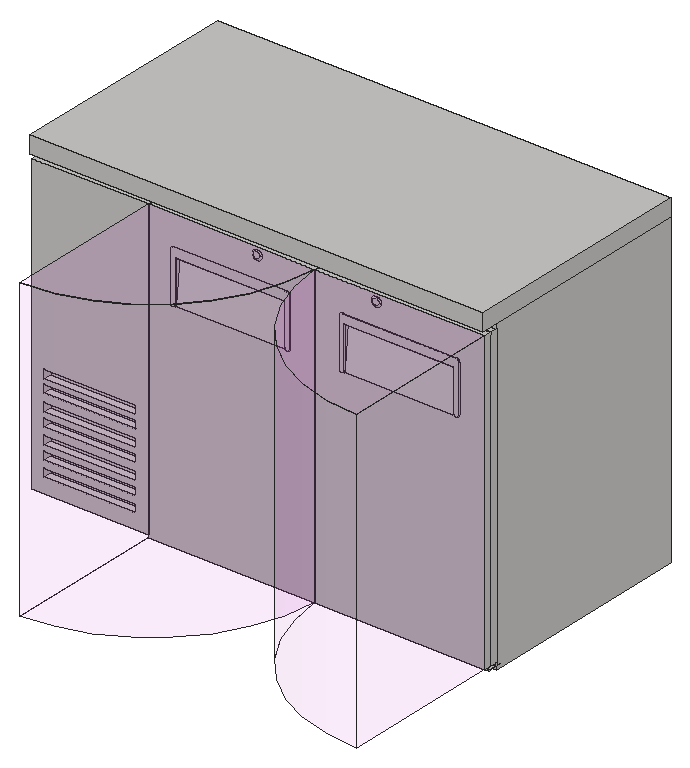
Revit family "QF_True_TBB24-48-2S-ZI-SFT-S-1_ Solid_Swing_Door_Back_Bar", category Specialty Equipment, Revit 2021
Family settings
  Round Connector Dimension = Use Diameter
  Part Type = Normal
  Work Plane-Based = No
  Always vertical = Yes
  Cut with Voids When Loaded = No
  Shared = No
  Room Calculation Point = No
Parameters
  Weight in Pounds = 290
  Watts = Volts * FL Amps  # 207 W
  Volts = 115 V
  URL Cutsheet = ""
  Specification by User = ""
  Specification by Manufacturer = ""
  Show Seismic Flanged [instance] = no
  Show Default [instance] = if(or([Show 2" Casters], [Show 3" Casters]), or(or([Show 4" Casters], [Show 5" Casters], [Show 6" Legs]), and([Show 2" Casters], [Show 3" Casters]), and([Show 3" Casters], Show Seismic Flanged)), if(or([Show 4" Casters], [Show 5" Casters]), or(or([Show 6" Legs], Show Seismic Flanged), and([Show 4" Casters], [Show 5" Casters])), if([Show 6" Legs], Show Seismic Flanged, not(Show Seismic Flanged))))  # yes
  Show 6" Legs [instance] = no
  Show 5" Casters [instance] = no
  Show 4" Casters [instance] = no
  Show 3" Casters [instance] = no
  Show 2" Casters [instance] = no
  Serial Number = ""
  Seismic Rating = ""
  SMACNA No = ""
  Revision Code = ""
  Phase = 1
  Number of Poles = 1
  NAFEM Spec ID Number = ""
  Model = "TBB24-48-2S-Z1-SFT-S-1"
  Min Ckt Ampacity = 0 A
  Max Overcurrent Protection = 0 A
  Masterspec = ""
  Manufacturer = "True"
  Length = 48 1/32"
  Item Number = ""
  Installed By = ""
  Identify Quantity as Lot = yes
  Height [instance] = Base Height + Body Height + Counter Top Height  # 34 23/32"
  HP = "1/5"
  Furnished By = ""
  Foodservice Equipment Identifier = yes
  FL Amps = 1.8 A
  Electrical Remarks = ""
  Electric Connection Type = ""
  Elec Conn RI Height = 0"
  Elec Conn Connection Height = 0"
  Door Finish [instance] = QF_Metal_Stainless_Polished
  Description = "Solid Swing Door Back Bar 24\" Depth Single Zone Cooler with Black Sub Top and Black Exterior"
  Depth = 24 7/8"
  Default Elevation = 0"
  Cycle = 60 Hz
  Counter Top Height = 2 11/32"
  Counter Finish [instance] = QF_Metal_Stainless_Polished
  Conn Plug = "NEMA 5-15P"
  Conn Conduit = yes
  CSI MasterFormat = ""
  Body Height [instance] = 31 11/16"
  Body Finish [instance] = QF_Metal_Stainless_Polished
  Base Height [instance] = if(Show Default, 11/16", if([Show 2" Casters], 2", if([Show 3" Casters], 3", if([Show 4" Casters], 4", if([Show 5" Casters], 5", if([Show 6" Legs], 6", if(Show Seismic Flanged, 6", 0")))))))  # 11/16"
  Apparent Power = 0 VA
Reference planes (in)
  plane 1 "BACK": y = 0
  plane 2: z = 0
  plane 3 "LEFT": x = 0
  plane 4 "RIGHT": x = 48.03125
  plane 5 "FRONT": y = -24.875
  plane 6 "TOP": z = 34.71875
  plane 7 "Center Y": x = 24.01563
  plane 8 "Center X": y = -12.4375
  plane 9: z = 0
  plane 10: z = 0.6875
  plane 11: z = 32.375
  plane 12: z = 34.71875
Dimensions and locks (in)
  equal spacing: plane 3 "LEFT", plane 7 "Center Y", plane 4 "RIGHT"
  "Length": plane 3 "LEFT" to plane 4 "RIGHT"
  equal spacing: plane 5 "FRONT", plane 8 "Center X", plane 1 "BACK"
  "Depth": plane 5 "FRONT" to plane 1 "BACK"
  "Height": plane 6 "TOP" to level
  "Base Height": plane 10 to plane 2
  "Body Height": plane 11 to plane 10
  "Counter Top Height": plane 12 to plane 11
  aligned and locked: level to plane 2
  aligned and locked: nested 1 to plane 10
Nested families (in)
  nested 1: "TBB24-48-2S-Z1-BST-B-1" at (0, 0, 0), Body Finish <- "Body Finish", Counter Top Finishes <- "Counter Finish", Door Finish <- "Door Finish", type "TBB24-48-2S-Z1-BST-B-1"
    with Show Door Clearance yes, Door Finish QF_Metal_Stainless_Polished, Counter Top Finishes QF_Metal_Stainless_Polished, Body Finish QF_Metal_Stainless_Polished
  nested 2: "Family3" at (4.01562, -21.04292, 0), Show 2" Casters <- "Show 2" Casters", Show 3" Casters <- "Show 3" Casters", Show 4" Casters <- "Show 4" Casters", Show 5" Casters <- "Show 5" Casters", Show 6" Legs <- "Show 6" Legs", Show Seismic Flanged <- "Show Seismic Flanged", type "Family3"
    with Show Seismic Flanged no, Show 6" Legs no, Show 5" Casters no, Show 4" Casters no, Show 3" Casters no, Show 2" Casters no
  nested 3: "Family3" at (44.26562, -21.04292, 0), Show 2" Casters <- "Show 2" Casters", Show 3" Casters <- "Show 3" Casters", Show 4" Casters <- "Show 4" Casters", Show 5" Casters <- "Show 5" Casters", Show 6" Legs <- "Show 6" Legs", Show Seismic Flanged <- "Show Seismic Flanged", type "Family3"
    with Show Seismic Flanged no, Show 6" Legs no, Show 5" Casters no, Show 4" Casters no, Show 3" Casters no, Show 2" Casters no
  nested 4: "Family3" at (4.01562, -3.79292, 0), Show 2" Casters <- "Show 2" Casters", Show 3" Casters <- "Show 3" Casters", Show 4" Casters <- "Show 4" Casters", Show 5" Casters <- "Show 5" Casters", Show 6" Legs <- "Show 6" Legs", Show Seismic Flanged <- "Show Seismic Flanged", type "Family3"
    with Show Seismic Flanged no, Show 6" Legs no, Show 5" Casters no, Show 4" Casters no, Show 3" Casters no, Show 2" Casters no
  nested 5: "Family3" at (44.26562, -3.79292, 0), Show 2" Casters <- "Show 2" Casters", Show 3" Casters <- "Show 3" Casters", Show 4" Casters <- "Show 4" Casters", Show 5" Casters <- "Show 5" Casters", Show 6" Legs <- "Show 6" Legs", Show Seismic Flanged <- "Show Seismic Flanged", type "Family3"
    with Show Seismic Flanged no, Show 6" Legs no, Show 5" Casters no, Show 4" Casters no, Show 3" Casters no, Show 2" Casters no
Connectors (in)
  electrical at (5.92159, 0.23047, 18.36709)
    settings: on nested 1, index 1, voltage 0 V, apparent load 0 VA, apparent load phase1 0 VA, apparent load phase2 0 VA, apparent load phase3 0 VA, power factor 1, load classification "Other", number of poles 1, system type 31, power factor state 1, is connector primary yes, connector utility no, sub classification motor no, connector description ""
Definition of nested family "TBB24-48-2S-Z1-BST-B-1"
  Parameters (values of type "TBB24-48-2S-Z1-BST-B-1")
    Weight in Pounds = 0
    URL Cutsheet = ""
    Specification by User = ""
    Specification by Manufacturer = ""
    Show Door Clearance [instance] = yes
    Serial Number = ""
    Seismic Rating = ""
    SMACNA No = ""
    Revision Code = ""
    NAFEM Spec ID Number = ""
    Masterspec = ""
    Length = 48 1/32"
    Item Number = ""
    Installed By = ""
    Identify Quantity as Lot = yes
    Height = 34 23/32"
    Furnished By = ""
    Foodservice Equipment Identifier = yes
    Door Finish [instance] = none
    Depth = 24 7/8"
    Default Elevation = 0"
    Counter Top Finishes [instance] = none
    CSI MasterFormat = ""
    Body Finish [instance] = none
  Reference planes (in)
    plane 1 "BACK": y = 0
    plane 2: z = 0
    plane 3 "LEFT": x = 0
    plane 4 "RIGHT": x = 48.03125
    plane 5 "FRONT": y = -24.875
    plane 6 "TOP": z = 34.71875
    plane 7 "Center Y": x = 24.01563
    plane 8 "Center X": y = -12.4375
    plane 9: y = -41.625
    plane 10: z = 0.6875
    plane 11: z = 32.9375
    plane 12: z = 2.0625
    plane 13: y = -21.41792
    plane 14: z = 0.33506
    plane 15: z = 23.55589
    plane 16: z = 32.375
  Forms (in)
    Extrusion 1, solid, material <- "Counter Top Finishes"
      sketch origin (0, 0, 0) x (1, 0, 0) y (0, 0, 1)
        loop
          line (0, 34.71875) -> (0, 32.9375) -> (48.03125, 32.9375) -> (48.03125, 34.71875) -> (0, 34.71875)
      from 0 to 24.875
    Extrusion 2, solid, material <- "Body Finish"
      sketch origin (0, 0, 0) x (0, 1, 0) y (0, 0, 1)
        loop
          line (0, 32.9375) -> (-23.09422, 32.9375) -> (-23.09422, 0) -> (0, 0) -> (0, 32.9375)
      from 0 to 48.03125
    Extrusion 3, solid, material <- "Door Finish"
      sketch origin (0, -23.09422, 35.99786) x (0, 0, 1) y (1, 0, 0)
        loop
          line (-3.62286, 12.35291) -> (-3.62286, 29.99891) -> (-35.31036, 29.99891) -> (-35.31036, 12.35291) -> (-3.62286, 12.35291)
        loop
          line (-4.22284, 13.79188) -> (-4.22284, 29.35291) -> (-33.93536, 29.35291) -> (-33.93536, 13.79188) -> (-4.22284, 13.79188)
      from 0 to -0.66955
    Extrusion 4, solid, material <- "Body Finish"
      sketch origin (0, -23.09422, 32.9375) x (0, 0, -1) y (1, 0, 0)
        loop
          line (0.5625, 0) -> (31.95758, 0) -> (31.95758, 12.35291) -> (0.5625, 12.35291) -> (0.5625, 0)
      from 0 to 1.50548
    Extrusion 5, void
      sketch origin (0, -24.5997, 32.9375) x (0, 0, 1) y (1, 0, 0)
        loop
          line (-20.06297, 1.27626) -> (-20.06297, 11.02626) -> (-21.06297, 11.02626) -> (-21.06297, 1.27626) -> (-20.06297, 1.27626)
        loop
          line (-21.51705, 1.27626) -> (-21.51705, 11.02626) -> (-22.34419, 11.02626) -> (-22.34419, 1.27626) -> (-21.51705, 1.27626)
        loop
          line (-23.18797, 1.27626) -> (-23.18797, 11.02626) -> (-24.18797, 11.02626) -> (-24.18797, 1.27626) -> (-23.18797, 1.27626)
        loop
          line (-24.76705, 1.27626) -> (-24.76705, 11.02626) -> (-25.59419, 11.02626) -> (-25.59419, 1.27626) -> (-24.76705, 1.27626)
        loop
          line (-26.31297, 1.27626) -> (-26.31297, 11.02626) -> (-27.31297, 11.02626) -> (-27.31297, 1.27626) -> (-26.31297, 1.27626)
        loop
          line (-27.89205, 1.27626) -> (-27.89205, 11.02626) -> (-28.71919, 11.02626) -> (-28.71919, 1.27626) -> (-27.89205, 1.27626)
        loop
          line (-29.51705, 1.27626) -> (-29.51705, 11.02626) -> (-30.34419, 11.02626) -> (-30.34419, 1.27626) -> (-29.51705, 1.27626)
      from 0 to 0.83594
    Extrusion 6, solid
      sketch origin (0, 0, 32.6875) x (0, 0, 1) y (1, 0, 0)
        loop
          arc (-12.59037, 11.27264) -> (-12.81004, 11.80298) -> (-13.34037, 12.02264) r 0.75
          line (-13.34037, 12.02264) -> (-31.375, 12.02264)
          arc (-31.375, 12.02264) -> (-31.90533, 11.80298) -> (-32.125, 11.27264) r 0.75
          line (-32.125, 11.27264) -> (-32.125, 0.75)
          arc (-32.125, 0.75) -> (-31.90533, 0.21967) -> (-31.375, 0) r 0.75
          line (-31.375, 0) -> (-13.34037, 0)
          arc (-13.34037, 0) -> (-12.81004, 0.21967) -> (-12.59037, 0.75) r 0.75
          line (-12.59037, 0.75) -> (-12.59037, 5.19897) -> (-12.14941, 5.19897)
          arc (-12.14941, 5.19897) -> (-11.39941, 5.94897) -> (-12.14941, 6.69897) r 0.75
          line (-12.14941, 6.69897) -> (-12.59037, 6.69897) -> (-12.59037, 11.27264)
      from 0 to 0.03125
    Extrusion 7, solid
      sketch origin (0, 0.03125, 32.6875) x (0, 0, 1) y (1, 0, 0)
        loop
          line (-11.64941, 5.94897) -> (-11.89941, 6.38198) -> (-12.39941, 6.38198) -> (-12.64941, 5.94897) -> (-12.39941, 5.51596) -> (-11.89941, 5.51596) -> (-11.64941, 5.94897)
      from 0 to 0.19922
    Extrusion 8, solid
      sketch origin (0, 0.03125, 32.6875) x (0, 0, 1) y (1, 0, 0)
        loop
          circle (-14.32041, 5.92159) r 0.5
      from 0 to 0.19922
    Blend 9, solid, material <- "Body Finish"
      base sketch origin (48.03125, -24.5997, 0.6875) x (-1, 0, 0) y (0, 0, 1)
        loop
          circle (24.15288, 30.93229) r 0.5
      top sketch origin (48.03125, -24.5997, 0.6875) x (-1, 0, 0) y (0, 0, 1)
        loop
          circle (24.15288, 30.93229) r 0.37406
      from 0 to -0.05551
    Blend 10, solid, material <- "Body Finish"
      base sketch origin (48.03125, -24.5997, 0.6875) x (-1, 0, 0) y (0, 0, 1)
        loop
          circle (11.50688, 30.93229) r 0.5
      top sketch origin (48.03125, -24.5997, 0.6875) x (-1, 0, 0) y (0, 0, 1)
        loop
          circle (11.50688, 30.93229) r 0.37406
      from 0 to -0.05551
    Extrusion 11, solid, material <- "Door Finish"
      sketch origin (59.99782, -23.09422, 35.99786) x (0, 0, 1) y (1, 0, 0)
        loop
          line (-3.62286, -11.96657) -> (-35.31036, -11.96657) -> (-35.31036, -29.99891) -> (-3.62286, -29.99891) -> (-3.62286, -11.96657)
        loop
          line (-4.22284, -13.79188) -> (-33.93536, -13.79188) -> (-33.93536, -29.35291) -> (-4.22284, -29.35291) -> (-4.22284, -13.79188)
      from 0 to -0.66955
    Extrusion 12, solid, material <- "Door Finish"
      sketch origin (59.99782, -23.09422, 35.99786) x (0, 0, 1) y (1, 0, 0)
        loop
          line (-3.62286, -11.96657) -> (-35.31036, -11.96657) -> (-35.31036, -29.99891) -> (-3.62286, -29.99891) -> (-3.62286, -11.96657)
      from -1.50548 to -0.66955
    Extrusion 13, solid, material <- "Door Finish"
      sketch origin (0, -23.09422, 35.99786) x (0, 0, 1) y (1, 0, 0)
        loop
          line (-3.62286, 12.35291) -> (-3.62286, 29.99891) -> (-35.31036, 29.99891) -> (-35.31036, 12.35291) -> (-3.62286, 12.35291)
      from -1.50548 to -0.66955
    Revolve 14, solid
      sketch origin (12.93501, -180, 0.6875) x (0, 0, -1) y (0, -1, 0)
        loop
          line (-31.6875, -156.24977) -> (-32.25, -156.24977) -> (-32.25, -156.74977) -> (-32.1201, -156.74977) -> (-32.1201, -156.49977) -> (-31.6875, -156.49977) -> (-31.6875, -156.24977)
        axis (-32.25, -156.24977) -> (-31.6875, -156.24977)
      angle from 0 to 360
    Extrusion 15, solid
      sketch origin (-1.61038, -180, 0.33506) x (-1, 0, 0) y (0, -1, 0)
        loop
          line (-49.64163, -157.37453) -> (-48.00793, -157.37453)
          arc (-48.00793, -157.37453) -> (-47.8908, -157.29627) -> (-47.91828, -157.1581) r 0.12678
          line (-47.91828, -157.1581) -> (-49.05173, -156.02465)
          arc (-49.05173, -156.02465) -> (-49.1223, -155.9775) -> (-49.20555, -155.96094) r 0.21754
          line (-49.20555, -155.96094) -> (-49.49505, -155.96094)
          arc (-49.49505, -155.96094) -> (-49.59869, -156.00387) -> (-49.64163, -156.10751) r 0.14658
          line (-49.64163, -156.10751) -> (-49.64163, -157.37453)
        loop
          line (-13.96329, -157.37453) -> (-13.96329, -156.10751)
          arc (-13.96329, -156.10751) -> (-14.00622, -156.00387) -> (-14.10986, -155.96094) r 0.14658
          line (-14.10986, -155.96094) -> (-14.39936, -155.96094)
          arc (-14.39936, -155.96094) -> (-14.48261, -155.9775) -> (-14.55318, -156.02465) r 0.21754
          line (-14.55318, -156.02465) -> (-15.68663, -157.1581)
          arc (-15.68663, -157.1581) -> (-15.71411, -157.29627) -> (-15.59698, -157.37453) r 0.12678
          line (-15.59698, -157.37453) -> (-13.96329, -157.37453)
      from 0 to 0.0625
    Extrusion 16, solid
      sketch origin (0, -23.09422, 32.9375) x (0, 0, -1) y (1, 0, 0)
        loop
          line (32.60244, 12.35291) -> (32.60244, 14.11339) -> (32.25, 14.11339) -> (32.25, 12.35291) -> (32.60244, 12.35291)
        loop
          line (32.60244, 48.03125) -> (32.25, 48.03125) -> (32.25, 46.27077) -> (32.60244, 46.27077) -> (32.60244, 48.03125)
      from 0 to 0.0625
    Revolve 17, solid
      sketch origin (47.59743, -180.11581, 0.39756) x (0, 0, 1) y (0, -1, 0)
        loop
          line (0.28994, -156.29571) -> (0, -156.29571) -> (0, -156.48985) -> (0.28994, -156.48985) -> (0.28994, -156.29571)
        axis (0.28994, -156.29571) -> (0, -156.29571)
      angle from 0 to 360
    Revolve 18, solid
      sketch origin (12.93501, -179.71907, 0.39756) x (0, 0, 1) y (0, 1, 0)
        loop
          line (0.28994, 156.29571) -> (0.28994, 156.48985) -> (0, 156.48985) -> (0, 156.29571) -> (0.28994, 156.29571)
        axis (0.28994, 156.29571) -> (0, 156.29571)
      angle from 0 to 360
    Revolve 19, solid
      sketch origin (47.18501, -180, 0.6875) x (0, 0, -1) y (0, -1, 0)
        loop
          line (-31.6875, -156.24977) -> (-32.25, -156.24977) -> (-32.25, -156.74977) -> (-32.1201, -156.74977) -> (-32.1201, -156.49977) -> (-31.6875, -156.49977) -> (-31.6875, -156.24977)
        axis (-32.25, -156.24977) -> (-31.6875, -156.24977)
      angle from 0 to 360
    Extrusion 20, solid, material <- "Door Finish"
      sketch origin (0, -24.5997, 35.99786) x (0, 0, -1) y (1, 0, 0)
        loop
          line (7.09769, 14.68366) -> (12.06253, 14.68366)
          arc (12.06253, 14.68366) -> (12.34198, 14.96311) -> (12.06253, 15.24256) r 0.27945
          line (12.06253, 15.24256) -> (8.02999, 15.24256)
          arc (8.02999, 15.24256) -> (7.76206, 15.35354) -> (7.65108, 15.62147) r 0.37891
          line (7.65108, 15.62147) -> (7.65108, 26.49585)
          arc (7.65108, 26.49585) -> (7.76206, 26.76377) -> (8.02999, 26.87475) r 0.37891
          line (8.02999, 26.87475) -> (12.09378, 26.87475)
          arc (12.09378, 26.87475) -> (12.34198, 27.12295) -> (12.09378, 27.37116) r 0.2482
          line (12.09378, 27.37116) -> (7.09696, 27.37116)
          arc (7.09696, 27.37116) -> (6.82955, 27.26039) -> (6.71878, 26.99298) r 0.37818
          line (6.71878, 26.99298) -> (6.71878, 15.06256)
          arc (6.71878, 15.06256) -> (6.82976, 14.79463) -> (7.09769, 14.68366) r 0.37891
        loop
          arc (7.09769, 45.31416) -> (6.82976, 45.20318) -> (6.71878, 44.93526) r 0.37891
          line (6.71878, 44.93526) -> (6.71878, 33.00484)
          arc (6.71878, 33.00484) -> (6.82955, 32.73743) -> (7.09696, 32.62666) r 0.37818
          line (7.09696, 32.62666) -> (12.09378, 32.62666)
          arc (12.09378, 32.62666) -> (12.34198, 32.87487) -> (12.09378, 33.12307) r 0.2482
          line (12.09378, 33.12307) -> (8.02999, 33.12307)
          arc (8.02999, 33.12307) -> (7.76206, 33.23405) -> (7.65108, 33.50197) r 0.37891
          line (7.65108, 33.50197) -> (7.65108, 44.37635)
          arc (7.65108, 44.37635) -> (7.76206, 44.64428) -> (8.02999, 44.75526) r 0.37891
          line (8.02999, 44.75526) -> (12.06253, 44.75526)
          arc (12.06253, 44.75526) -> (12.34198, 45.03471) -> (12.06253, 45.31416) r 0.27945
          line (12.06253, 45.31416) -> (7.09769, 45.31416)
      from 0 to 0.03125
    Extrusion 21, void
      sketch origin (15.24256, -24.5997, 27.96787) x (0, 0, 1) y (0, 1, 0)
        loop
          line (0.37891, -0.24253) -> (0.37891, 0.5) -> (-4.312, 0) -> (-4.312, -0.24253) -> (0.37891, -0.24253)
      from 0 to -11.63219
    Extrusion 22, void
      sketch origin (33.12307, -24.5997, 27.96787) x (0, 0, 1) y (0, 1, 0)
        loop
          line (0.37891, -0.24253) -> (0.37891, 0.5) -> (-4.312, 0) -> (-4.312, -0.24253) -> (0.37891, -0.24253)
      from 0 to -11.63219
    Extrusion 23, solid, visible <- "Show Door Clearance"
      sketch origin (30.39491, -23.09422, 0.6875) x (0, -1, 0) y (-1, 0, 0)
        loop
          line (1.50548, -17.63634) -> (18.53489, -17.63634)
          arc (18.53489, -17.63634) -> (13.6127, -5.22747) -> (1.50548, 0.396) r 18.03244
          line (1.50548, 0.396) -> (1.50548, -17.63634)
      from 0 to -31.6875
    Extrusion 24, solid, visible <- "Show Door Clearance"
      sketch origin (30.39491, -23.09422, 0.6875) x (0, -1, 0) y (-1, 0, 0)
        loop
          line (1.50548, 18.042) -> (1.50548, 0.396)
          arc (1.50548, 0.396) -> (13.48708, 5.87578) -> (18.54373, 18.042) r 18.03276
          line (18.54373, 18.042) -> (1.50548, 18.042)
      from 0 to -31.6875
  Cuts and joins
    Extrusion 5 cuts Extrusion 2
    Extrusion 5, Extrusion 21 cuts Extrusion 4
    joined: Extrusion 15, Extrusion 16
    Extrusion 21, Extrusion 22 cuts Extrusion 13
    Extrusion 21, Extrusion 22 cuts Extrusion 20
    Extrusion 21, Extrusion 22 cuts Extrusion 12
    Extrusion 21 cuts Extrusion 11
  Lines and regions (in)
    Split face 1
      outline origin (0, 0.03125, 32.6875) x (0, 0, 1) y (1, 0, 0)
        loop
          line (-15.04167, 10.7061) -> (-29.59231, 10.7061) -> (-29.59231, 0.9561) -> (-15.04167, 0.9561) -> (-15.04167, 10.7061)
    Split face 2
      outline origin (48.03125, 0, 0) x (-1, 0, 0) y (0, 0, 1)
        loop
          line (36.03125, 32.9375) -> (36.03125, 0)
        loop
          line (33.65625, 0) -> (33.65625, 32.9375)
        loop
          line (2.75, 32.9375) -> (2.75, 0)
    Split face 3
      outline origin (0, -24.5997, 32.375) x (-1, 0, 0) y (0, 0, -1)
        loop
          line (-2.26866, 1.36126) -> (-2.26866, 2.86126) -> (-9.76866, 2.86126) -> (-9.76866, 1.36126) -> (-2.26866, 1.36126)
    symbolic lines
      curve 1: line (48.03125, 0, 0) -> (0, 0, 0)
      curve 2: line (0, 0, 0) -> (0, -24.875, 0)
      curve 3: line (0, -24.875, 0) -> (48.03125, -24.875, 0)
      curve 4: line (48.03125, -24.875, 0) -> (48.03125, 0, 0)
    symbolic lines, visible <- "Show Door Clearance"
      curve 5: arc (29.98165, -24.875, 0) -> (29.09724, -29.32182, 0) -> (27.13161, -33.40749, 0) r 18.03276
      curve 6: arc (32.97757, -33.56625, 0) -> (30.93451, -29.41226, 0) -> (30.01636, -24.875, 0) r 18.03244
      curve 7: line (12.35291, -24.875, 0) -> (27.13161, -33.40749, 0)
      curve 8: line (48.03125, -24.875, 0) -> (32.97757, -33.56625, 0)
  Dimensions and locks (in)
    equal spacing: plane 3 "LEFT", plane 7 "Center Y", plane 4 "RIGHT"
    "Length": plane 3 "LEFT" to plane 4 "RIGHT"
    equal spacing: plane 5 "FRONT", plane 8 "Center X", plane 1 "BACK"
    "Depth": plane 5 "FRONT" to plane 1 "BACK"
    "Height": plane 6 "TOP" to level
    plane 1 "BACK" to plane 9 = 41 5/8"
    plane 10 to level = 11/16"
    plane 5 "FRONT" to plane 1 "BACK" = 24 7/8"
    plane 9 to plane 1 "BACK" = 41 5/8"
    plane 6 "TOP" to plane 11 = 1 25/32"
    plane 5 "FRONT" to plane 9 = 16 3/4"
    plane 6 "TOP" to plane 16 to plane 10 = 2 11/32", 31 11/16"
    plane 6 "TOP" to level = 34 23/32"
    aligned and locked: level to plane 2
  Automatic sketch dimensions
    Extrusion 1 sketch curve to plane 3 "LEFT" = 0"
    plane 4 "RIGHT" to Extrusion 1 sketch curve = 0"
    Extrusion 1 sketch curve to plane 11 = 0"
    Extrusion 1 sketch curve to plane 6 "TOP" = 0"
    plane 11 to Extrusion 2 sketch curve = 0"
    Extrusion 2 sketch curve to level = 0"
    Extrusion 2 sketch curve to plane 1 "BACK" = 0"
    Extrusion 2 sketch curve to plane 13 = 1.6763"
    Extrusion 3 sketch curve to plane 10 = 0"
    Extrusion 3 sketch curve to plane 12 = 0"
    plane 11 to Extrusion 3 sketch curve = 1.16249"
    plane 11 to Extrusion 3 sketch curve = 9/16"
    Extrusion 3 sketch curve to plane 7 "Center Y" = 11.66271"
    Extrusion 3 sketch curve to Extrusion 3 sketch curve = 1.43897"
    plane 7 "Center Y" to Extrusion 3 sketch curve = 5.33729"
    Extrusion 3 sketch curve to Extrusion 3 sketch curve = 0.646"
    Extrusion 4 sketch curve to Extrusion 2 = 0"
    Extrusion 4 sketch curve to Extrusion 2 = 9/16"
    Extrusion 4 sketch curve to Extrusion 2 = 0.97992"
    Extrusion 2 to Extrusion 4 sketch curve = 12.35291"
    Extrusion 4 to Extrusion 5 sketch curve = 1.61339"
    Extrusion 5 sketch curve to Extrusion 5 sketch curve = 0.82714"  (x4)
    Extrusion 5 sketch curve to Extrusion 5 sketch curve = 0.79786"
    Extrusion 5 sketch curve to Extrusion 5 sketch curve = 0.57908"  (x2)
    Extrusion 5 sketch curve to Extrusion 5 sketch curve = 1"  (x3)
    Extrusion 5 sketch curve to Extrusion 5 sketch curve = 0.71878"
    Extrusion 5 sketch curve to Extrusion 5 sketch curve = 0.84378"
    Extrusion 5 sketch curve to Extrusion 5 sketch curve = 0.45408"
    Extrusion 4 to Extrusion 5 sketch curve = 1.27626"  (x2)
    Extrusion 5 sketch curve to Extrusion 5 sketch curve = 0"  (x11)
    Extrusion 4 to Extrusion 5 sketch curve = 1.32665"
    Extrusion 6 sketch curve to Extrusion 2 = 0"
    Extrusion 2 to Extrusion 6 sketch curve = 9/16"
    Extrusion 6 sketch curve to Extrusion 6 sketch curve = 3/4"  (x3)
    Extrusion 6 sketch curve to Extrusion 2 = 13.59037"
    Extrusion 2 to Extrusion 6 sketch curve = 3/4"
    Extrusion 6 sketch curve to Extrusion 6 sketch curve = 0"  (x2)
    Extrusion 6 sketch curve to Extrusion 6 sketch curve = 0.44096"
    Extrusion 6 sketch curve to Extrusion 6 sketch curve = 4.44897"
    Extrusion 6 sketch curve to Extrusion 6 sketch curve = 10.52264"
    Split face 1 sketch curve to Extrusion 6 = 2.53269"
    Split face 1 sketch curve to Extrusion 6 = 2.4513"
    Split face 1 sketch curve to Extrusion 6 = 0.9561"
    Split face 1 sketch curve to Extrusion 6 = 1.31655"
    Extrusion 7 sketch curve to Extrusion 6 = 0.05904"
    Extrusion 6 to Extrusion 7 sketch curve = 0.19096"  (x2)
    Extrusion 7 sketch curve to Extrusion 6 = 0.31699"  (x2)
    Extrusion 7 sketch curve to Extrusion 7 sketch curve = 1/2"  (x2)
    Extrusion 7 sketch curve to Extrusion 7 sketch curve = 1/4"
    Extrusion 7 sketch curve to Extrusion 7 sketch curve = 0.43301"  (x2)
    Extrusion 8 sketch curve to Extrusion 6 = 0.72262"
    Extrusion 8 sketch curve to Extrusion 6 = 1.73005"
    Split face 2 sketch curve to cut or joined group of Extrusion 2, Extrusion 5 = 0"  (x6)
    Split face 2 sketch curve to cut or joined group of Extrusion 2, Extrusion 5 = 2 3/4"
    Split face 2 sketch curve to cut or joined group of Extrusion 2, Extrusion 5 = 14 3/8"
    Split face 2 sketch curve to Split face 2 sketch curve = 2 3/8"
    Blend 9 sketch curve to plane 7 "Center Y" = 0.13726"  (x2)
    plane 11 to Blend 9 sketch curve = 1.31771"  (x2)
    plane 11 to Blend 10 sketch curve = 1.31771"  (x2)
    plane 4 "RIGHT" to Blend 10 sketch curve = 11.50688"  (x2)
    Split face 3 sketch curve to cut or joined group of Extrusion 4, Extrusion 5, Extrusion 21 = 1.2576"
    Split face 3 sketch curve to cut or joined group of Extrusion 4, Extrusion 5, Extrusion 21 = 0.9924"
    Split face 3 sketch curve to cut or joined group of Extrusion 4, Extrusion 5, Extrusion 21 = 1.36126"
    Split face 3 sketch curve to Split face 3 sketch curve = 1 1/2"
    plane 4 "RIGHT" to Extrusion 11 sketch curve = 0"
    Extrusion 11 sketch curve to plane 10 = 0"
    Extrusion 11 sketch curve to plane 12 = 0"
    plane 11 to Extrusion 11 sketch curve = 1.16249"
    plane 11 to Extrusion 11 sketch curve = 9/16"
    plane 4 "RIGHT" to Extrusion 11 sketch curve = 1.82531"
    plane 7 "Center Y" to Extrusion 11 sketch curve = 6.62928"
    Extrusion 11 sketch curve to Extrusion 11 sketch curve = 0.646"
    plane 4 "RIGHT" to Extrusion 12 sketch curve = 0"
    Extrusion 12 sketch curve to plane 10 = 0"
    plane 11 to Extrusion 12 sketch curve = 9/16"
    plane 7 "Center Y" to Extrusion 12 sketch curve = 5.98328"
    Extrusion 13 sketch curve to plane 10 = 0"
    plane 11 to Extrusion 13 sketch curve = 9/16"
    Extrusion 13 sketch curve to plane 7 "Center Y" = 11.66271"
    plane 7 "Center Y" to Extrusion 13 sketch curve = 5.98328"
    plane 11 to Revolve 14 sketch curve = 0"  (x2)
    plane 11 to Revolve 14 sketch curve = 0.1299"  (x2)
    Revolve 14 sketch curve to Revolve 14 sketch curve = 0.4326"
    Revolve 14 sketch curve to plane 5 "FRONT" = 1.62477"
    Revolve 14 sketch curve to Revolve 14 sketch curve = 1/4"  (x2)
    Revolve 14 sketch curve to Revolve 14 sketch curve = 0"
    Extrusion 15 sketch curve to plane 4 "RIGHT" = 0"
    plane 4 "RIGHT" to Extrusion 15 sketch curve = 0.14658"
    Extrusion 15 sketch curve to Extrusion 15 sketch curve = 0.2895"  (x2)
    Extrusion 15 sketch curve to Extrusion 15 sketch curve = 0.15382"  (x3)
    Extrusion 15 sketch curve to Extrusion 15 sketch curve = 1.19762"
    Extrusion 15 sketch curve to Extrusion 15 sketch curve = 0.08965"  (x3)
    Extrusion 15 sketch curve to plane 13 = 1.42398"
    Extrusion 15 sketch curve to plane 7 "Center Y" = 9.93937"
    Extrusion 15 sketch curve to plane 5 "FRONT" = 0.89965"
    Extrusion 15 sketch curve to Extrusion 15 sketch curve = 1.13345"
    Extrusion 15 sketch curve to Extrusion 15 sketch curve = 0.43608"
    Extrusion 15 sketch curve to plane 13 = 1.33433"
    Extrusion 15 sketch curve to plane 13 = 1.20755"
    Extrusion 15 sketch curve to plane 5 "FRONT" = 1.05347"
    Extrusion 15 sketch curve to Extrusion 15 sketch curve = 0.07096"
    Extrusion 2 to Extrusion 16 sketch curve = 0"
    Extrusion 16 sketch curve to Extrusion 2 = 11/16"  (x2)
    Extrusion 16 sketch curve to Extrusion 2 = 0.33506"  (x2)
    Extrusion 2 to Extrusion 16 sketch curve = 1.76048"
    Extrusion 2 to Extrusion 16 sketch curve = 14.11339"
    Extrusion 16 sketch curve to Extrusion 16 sketch curve = 1.76048"
    Revolve 17 sketch curve to plane 10 = 0"  (x2)
    plane 14 to Revolve 17 sketch curve = 1/16"
    Revolve 17 sketch curve to plane 5 "FRONT" = 1.24905"
    Revolve 17 sketch curve to Revolve 17 sketch curve = 0.19414"
    Revolve 17 sketch curve to plane 10 = 0.14497"
    Revolve 17 sketch curve to Revolve 17 sketch curve = 0"
    Revolve 18 sketch curve to plane 10 = 0"  (x2)
    plane 14 to Revolve 18 sketch curve = 1/16"
    Revolve 18 sketch curve to plane 5 "FRONT" = 1.45164"
    Revolve 18 sketch curve to Revolve 18 sketch curve = 0.19414"
    Revolve 18 sketch curve to Revolve 18 sketch curve = 0.14497"
    Revolve 18 sketch curve to Revolve 18 sketch curve = 0"
    plane 11 to Revolve 19 sketch curve = 0"  (x2)
    plane 11 to Revolve 19 sketch curve = 0.1299"  (x2)
    Revolve 19 sketch curve to Revolve 19 sketch curve = 0.4326"
    Revolve 19 sketch curve to plane 5 "FRONT" = 1.62477"
    Revolve 19 sketch curve to Revolve 19 sketch curve = 1/4"  (x2)
    Revolve 19 sketch curve to Revolve 19 sketch curve = 0"
    Extrusion 20 sketch curve to Extrusion 13 = 3.09593"  (x2)
    Extrusion 20 sketch curve to Extrusion 20 sketch curve = 0.37818"  (x2)
    Extrusion 20 sketch curve to Extrusion 20 sketch curve = 97/256"  (x6)
    Extrusion 20 sketch curve to Extrusion 20 sketch curve = 0.55339"  (x2)
    Extrusion 20 sketch curve to Extrusion 20 sketch curve = 4.03255"  (x2)
    Extrusion 20 sketch curve to Extrusion 20 sketch curve = 4.0638"  (x2)
    Extrusion 20 sketch curve to Extrusion 13 = 2.33075"
    Extrusion 20 sketch curve to Extrusion 20 sketch curve = 0.27945"
    Extrusion 20 sketch curve to Extrusion 13 = 3.50306"
    Extrusion 20 sketch curve to Extrusion 20 sketch curve = 0.49713"
    Extrusion 13 to Extrusion 20 sketch curve = 2.62775"
    Extrusion 20 sketch curve to Extrusion 20 sketch curve = 0.2482"
    Extrusion 20 sketch curve to Extrusion 20 sketch curve = 10.87438"
    Extrusion 20 sketch curve to Extrusion 20 sketch curve = 0.5589"
    Extrusion 21 sketch curve to Extrusion 20 = 0"
    Extrusion 20 to Extrusion 21 sketch curve = 0.27945"
    Extrusion 21 sketch curve to Extrusion 20 = 97/256"
    Extrusion 20 to Extrusion 21 sketch curve = 0.21128"
    Extrusion 20 to Extrusion 21 sketch curve = 1/2"
    Extrusion 22 sketch curve to Extrusion 20 = 0"
    Extrusion 20 to Extrusion 22 sketch curve = 97/256"
    Extrusion 22 sketch curve to Extrusion 20 = 0.2482"
    Extrusion 22 sketch curve to Extrusion 20 = 0.21128"
    Extrusion 22 sketch curve to Extrusion 20 = 1/2"
    Extrusion 23 sketch curve to plane 4 "RIGHT" = 0"
    plane 4 "RIGHT" to Extrusion 23 sketch curve = 0.02781"
    Extrusion 23 sketch curve to plane 13 = 2.17876"
    Extrusion 23 sketch curve to plane 5 "FRONT" = 0.2753"
    Extrusion 23 sketch curve to plane 9 = 0.0041"
    Extrusion 24 sketch curve to plane 13 = 2.19086"
    Extrusion 24 sketch curve to plane 5 "FRONT" = 0.2753"
    Extrusion 24 sketch curve to plane 9 = 0.01295"
    plane 3 "LEFT" to Extrusion 24 sketch curve = 11.9934"
    Extrusion 24 sketch curve to plane 7 "Center Y" = 11.66271"
    plane 1 "BACK" to curve 1 = 0"
    curve 1 to plane 3 "LEFT" = 0"
    plane 5 "FRONT" to curve 7 = 0"
    curve 4 to plane 4 "RIGHT" = 0"
    curve 5 to plane 5 "FRONT" = 1.26622"
    plane 7 "Center Y" to curve 7 = 3.11599"
    plane 4 "RIGHT" to curve 6 = 0.02781"
    plane 9 to curve 7 = 8.21751"
    curve 6 to plane 5 "FRONT" = 1.27832"
    curve 5 to curve 7 = 0.35951"
    curve 5 to curve 6 = 0.03471"
    curve 7 to curve 8 = 5.84595"
    curve 8 to curve 7 = 0.15876"
    radius of Extrusion 8 sketch curve = 1/2"
    radius of Blend 9 sketch curve = 1/2"
    radius of Blend 9 sketch curve = 0.37406"
    radius of Blend 10 sketch curve = 1/2"
    radius of Blend 10 sketch curve = 0.37406"
Definition of nested family "Family3"
  Parameters (values of type "Family3")
    Weight in Pounds = 0
    URL Cutsheet = ""
    Specification by User = ""
    Specification by Manufacturer = ""
    Show Seismic Flanged [instance] = yes
    Show 6" Legs [instance] = yes
    Show 5" Casters [instance] = yes
    Show 4" Casters [instance] = yes
    Show 3" Casters [instance] = yes
    Show 2" Casters [instance] = yes
    Serial Number = ""
    Seismic Rating = ""
    SMACNA No = ""
    Revision Code = ""
    NAFEM Spec ID Number = ""
    Masterspec = ""
    Length = 0"
    Item Number = ""
    Installed By = ""
    Identify Quantity as Lot = yes
    Height = 0"
    Furnished By = ""
    Foodservice Equipment Identifier = yes
    Depth = 0"
    Default Elevation = 0"
    CSI MasterFormat = ""
  Reference planes (in)
    plane 1 "BACK": y = 0
    plane 2: z = 0
    plane 3 "LEFT": x = 0
    plane 4 "RIGHT": x = 0
    plane 5 "FRONT": y = 0
    plane 6 "TOP": z = 0
    plane 7 "Center Y": x = 0
    plane 8 "Center X": y = 0
  Dimensions and locks (in)
    equal spacing: plane 3 "LEFT", plane 7 "Center Y", plane 4 "RIGHT"
    "Length": plane 3 "LEFT" to plane 4 "RIGHT"
    equal spacing: plane 5 "FRONT", plane 8 "Center X", plane 1 "BACK"
    "Depth": plane 5 "FRONT" to plane 1 "BACK"
    "Height": plane 6 "TOP" to level
    aligned and locked: level to plane 2
  Nested families (in)
    nested 1: "2 INCHES_CASTER" at (0, 0, 0), 2 Inches Caster <- "Show 2" Casters", type "2 INCHES_CASTER"
      with Type Mark "", Specification by User "", Revision Code "", Item Number "", Installed By "", Identify Quantity as Lot yes, Furnished By "", Foodservice Equipment Identifier yes, 2 Inches Caster yes
    nested 2: "3 INCHES 01_CASTER" at (0, 0, 0), 3 Inches Caster <- "Show 3" Casters", type "3 INCHES 01_CASTER"
      with Type Mark "", Specification by User "", Revision Code "", Item Number "", Installed By "", Identify Quantity as Lot yes, Furnished By "", Foodservice Equipment Identifier yes, 3 Inches Caster yes
    nested 3: "4 INCHES_CASTER" at (0, 0, 0), Show 4 Inches Casters <- "Show 4" Casters", type "4 INCHES_CASTER"
      with Type Mark "", Specification by User "", Show 4 Inches Casters yes, Revision Code "", Item Number "", Installed By "", Identify Quantity as Lot yes, Furnished By "", Foodservice Equipment Identifier yes
    nested 4: "5 INCHES 01_CASTER 2" at (0, 0, 0), Show 5" Casters <- "Show 5" Casters", type "5 INCHES 01_CASTER 2"
      with Type Mark "", Specification by User "", Show 5" Casters yes, Revision Code "", Key Locks no, Item Number "", Installed By "", Identify Quantity as Lot yes, Furnished By "", Foodservice Equipment Identifier yes
    nested 5: "6 INCHES LEGS" at (0, 0, 0), Show 6" Legs <- "Show 6" Legs", type "6 INCHES LEGS"
      with Type Mark "", Status "", Specification by User "", Show Seismic Flanged no, Show 6" Legs yes, Revision Code "", Item Number "", Installed By "", Identify Quantity as Lot yes, Furnished By "", Foodservice Equipment Identifier yes
    nested 6: "6 INCHES LEGS WITH FLANGED" at (0, 0, 0), visible <- "Show Seismic Flanged", Show 6" Seismic Flanged <- "Show Seismic Flanged", type "6 INCHES LEGS WITH FLANGED"
      with Type Mark "", Status "", Specification by User "", Revision Code "", Item Number "", Installed By "", Identify Quantity as Lot yes, Furnished By "", Foodservice Equipment Identifier yes
  Definition of nested family "2 INCHES_CASTER"
    Parameters (values of type "2 INCHES_CASTER")
      Weight = ""
      URL Manufacturer = ""
      URL Cutsheet = ""
      URL = ""
      Type Mark [instance] = ""
      Specification by User [instance] = ""
      Specification by Manufacturer = ""
      Serial Number = ""
      Seismic Rating = ""
      SMACNA No = ""
      Revision Code [instance] = ""
      Omniclass Number and Title = ""
      NAFEM Spec ID Number = ""
      Model = ""
      MasterSpec. = ""
      Manufacturer = ""
      Item Number [instance] = ""
      Installed By [instance] = ""
      Identify Quantity as Lot [instance] = yes
      Furnished By [instance] = ""
      Foodservice Equipment Identifier [instance] = yes
      Description = ""
      Default Elevation = 0"
      CSI MasterFormat = ""
      CSI Master Format = ""
      Assembly Code = ""
      2 Inches Caster [instance] = yes
    Reference planes (in)
      plane 1: z = 0
      plane 2 "RIGHT": x = 0
      plane 3 "FRONT": y = 0
      plane 4 "TOP": z = 2
    Forms (in)
      Revolve 1, solid, visible <- "2 Inches Caster"
        sketch origin (-1.93794, 0.46818, -1.0041) x (1, 0, 0) y (0, 0, 1)
          loop
            line (0.74055, 1.86347) -> (0.74055, 1.78797) -> (0.79055, 1.73797) -> (0.85055, 1.73797) -> (0.85055, 1.6179) -> (1.235, 1.6179) -> (1.235, 1.55055) -> (1.38673, 1.46295) -> (1.4003, 1.3791) -> (1.34375, 1.3791) -> (1.34375, 1.2541) -> (1.375, 1.2541) -> (1.375, 1.0041) -> (2.48438, 1.0041) -> (2.48438, 1.2541) -> (2.51563, 1.2541) -> (2.51563, 1.3791) -> (2.45908, 1.3791) -> (2.47322, 1.46647) -> (2.62438, 1.55374) -> (2.62438, 1.6179) -> (3.04007, 1.6179) -> (3.04007, 1.73797) -> (3.10007, 1.73797) -> (3.15007, 1.78797) -> (3.15007, 1.86347) -> (0.74055, 1.86347)
          axis (0.74055, 1.86347) -> (3.15007, 1.86347)
        angle from 0 to 360
      Extrusion 2, solid, visible <- "2 Inches Caster"
        sketch origin (-1.93794, 1.43296, -3.41527) x (0, 1, 0) y (0, 0, 1)
          loop
            line (-0.64294, 5.3791) -> (-2.21294, 5.3791) -> (-2.21294, 5.24769) -> (-1.37414, 5.24769)
            arc (-1.37414, 5.24769) -> (-0.62115, 5.15851) -> (0.05138, 4.80832) r 2.10495
            line (0.05138, 4.80832) -> (0.12713, 4.91318)
            arc (0.12713, 4.91318) -> (-0.07255, 5.06376) -> (-0.29048, 5.18644) r 1.8753
            line (-0.29048, 5.18644) -> (-0.22239, 5.30423)
            arc (-0.22239, 5.30423) -> (-0.42936, 5.36024) -> (-0.64294, 5.3791) r 1.21859
        from 1.17357 to 2.70231
      Revolve 3, solid, visible <- "2 Inches Caster"
        sketch origin (0, 1.73858, -3.75) x (0, 1, 0) y (0, 0, 1)
          loop
            line (-1.73858, 5.71382) -> (-1.05793, 5.71382) -> (-1.05793, 5.75) -> (-1.73858, 5.75) -> (-1.73858, 5.71382)
          axis (-1.73858, 5.71382) -> (-1.73858, 5.75319)
        angle from 0 to 360
      Extrusion 4, solid, visible <- "2 Inches Caster"
        sketch origin (-1.98481, 1.43296, -1.7541) x (0, 1, 0) y (0, 0, 1)
          loop
            line (-2.21294, 3.71792) -> (-2.21294, 3.58652) -> (-1.94904, 3.58652)
            arc (-1.94904, 3.58652) -> (-1.56115, 3.28048) -> (-1.39241, 2.81612) r 0.90292
            arc (-1.39241, 2.81612) -> (-1.36136, 2.62044) -> (-1.29729, 2.43295) r 1.15385
            arc (-1.29729, 2.43295) -> (-0.94802, 2.21237) -> (-0.6121, 2.45278) r 0.37001
            arc (-0.6121, 2.45278) -> (-0.59625, 2.50123) -> (-0.58446, 2.55082) r 0.61695
            arc (-0.58446, 2.55082) -> (-0.36134, 2.95548) -> (0.05609, 3.15367) r 0.75313
            line (0.05609, 3.15367) -> (0.12713, 3.252)
            arc (0.12713, 3.252) -> (-0.07255, 3.40259) -> (-0.29048, 3.52526) r 1.8753
            line (-0.29048, 3.52526) -> (-0.22239, 3.64306)
            arc (-0.22239, 3.64306) -> (-0.42936, 3.69906) -> (-0.64294, 3.71792) r 1.21859
            line (-0.64294, 3.71792) -> (-2.21294, 3.71792)
        from 2.74918 to 2.90825
      Extrusion 5, solid, visible <- "2 Inches Caster"
        sketch origin (1.98481, 1.43296, -1.7541) x (0, 1, 0) y (0, 0, -1)
          loop
            arc (-0.58446, -2.55082) -> (-0.59625, -2.50123) -> (-0.6121, -2.45278) r 0.61695
            arc (-0.6121, -2.45278) -> (-0.94802, -2.21237) -> (-1.29729, -2.43295) r 0.37001
            arc (-1.29729, -2.43295) -> (-1.36136, -2.62044) -> (-1.39241, -2.81612) r 1.15385
            arc (-1.39241, -2.81612) -> (-1.56115, -3.28048) -> (-1.94904, -3.58652) r 0.90292
            line (-1.94904, -3.58652) -> (-2.21294, -3.58652) -> (-2.21294, -3.71792) -> (-0.64294, -3.71792)
            arc (-0.64294, -3.71792) -> (-0.42936, -3.69906) -> (-0.22239, -3.64306) r 1.21859
            line (-0.22239, -3.64306) -> (-0.29048, -3.52526)
            arc (-0.29048, -3.52526) -> (-0.07255, -3.40259) -> (0.12713, -3.252) r 1.8753
            line (0.12713, -3.252) -> (0.05609, -3.15367)
            arc (0.05609, -3.15367) -> (-0.36134, -2.95548) -> (-0.58446, -2.55082) r 0.75313
        from 2.74918 to 2.90825
    Cuts and joins
      joined: Revolve 1, Extrusion 4, Extrusion 5
    Lines and regions (in)
      symbolic lines, visible <- "2 Inches Caster"
        curve 1: line (0.10651, 1.59133, 0) -> (0.80944, 1.1855, 0)
        curve 2: line (-0.89349, -0.14072, 0) -> (0.10651, 1.59133, 0)
        curve 3: line (-0.19056, -0.54656, 0) -> (-0.89349, -0.14072, 0)
        curve 4: line (0.80944, 1.1855, 0) -> (-0.19056, -0.54656, 0)
    Dimensions and locks (in)
      plane 4 "TOP" to level = 2"  (x2)
      aligned and locked: level to plane 1
  Definition of nested family "3 INCHES 01_CASTER"
    Parameters (values of type "3 INCHES 01_CASTER")
      Weight = ""
      URL Manufacturer = ""
      URL Cutsheet = ""
      URL = ""
      Type Mark [instance] = ""
      Specification by User [instance] = ""
      Specification by Manufacturer = ""
      Serial Number = ""
      Seismic Rating = ""
      SMACNA No = ""
      Revision Code [instance] = ""
      Omniclass Number and Title = ""
      NAFEM Spec ID Number = ""
      Model = ""
      MasterSpec. = ""
      Manufacturer = ""
      Item Number [instance] = ""
      Installed By [instance] = ""
      Identify Quantity as Lot [instance] = yes
      Furnished By [instance] = ""
      Foodservice Equipment Identifier [instance] = yes
      Description = ""
      Default Elevation = 0"
      CSI MasterFormat = ""
      CSI Master Format = ""
      Assembly Code = ""
      3 Inches Caster [instance] = yes
    Reference planes (in)
      plane 1: z = 0
      plane 2 "RIGHT": x = 0
      plane 3 "FRONT": y = 0
      plane 4 "TOP": z = 3
    Forms (in)
      Revolve 1, solid, visible <- "3 Inches Caster"
        sketch origin (-1.93794, 0.56004, -1.0041) x (1, 0, 0) y (0, 0, 1)
          loop
            line (0.74055, 2.11347) -> (0.74055, 2.03797) -> (0.79055, 1.98797) -> (0.85055, 1.98797) -> (0.85055, 1.8679) -> (1.235, 1.8679) -> (1.235, 1.7068) -> (1.36441, 1.63209) -> (1.4003, 1.41035) -> (1.34375, 1.41035) -> (1.34375, 1.28535) -> (1.375, 1.28535) -> (1.375, 1.0041) -> (2.48438, 1.0041) -> (2.48438, 1.28535) -> (2.51563, 1.28535) -> (2.51563, 1.41035) -> (2.45908, 1.41035) -> (2.49553, 1.6356) -> (2.62438, 1.70999) -> (2.62438, 1.8679) -> (3.04007, 1.8679) -> (3.04007, 1.98797) -> (3.10007, 1.98797) -> (3.15007, 2.03797) -> (3.15007, 2.11347) -> (0.74055, 2.11347)
          axis (0.74055, 2.11347) -> (3.15007, 2.11347)
        angle from 0 to 360
      Extrusion 2, solid, visible <- "3 Inches Caster"
        sketch origin (-1.93794, 1.35294, -3.2541) x (0, 1, 0) y (0, 0, 1)
          loop
            line (-0.41094, 5.86793) -> (-0.41094, 6.01276) -> (-2.29494, 6.01276) -> (-2.29494, 5.71244) -> (-1.82301, 5.71244)
            arc (-1.82301, 5.71244) -> (-1.00307, 5.59865) -> (-0.19592, 5.41488) r 9.6332
            arc (-0.19592, 5.41488) -> (0.12646, 5.29481) -> (0.42224, 5.11916) r 1.92059
            line (0.42224, 5.11916) -> (0.51314, 5.245)
            arc (0.51314, 5.245) -> (0.27353, 5.42569) -> (0.01201, 5.5729) r 2.25036
            line (0.01201, 5.5729) -> (0.09371, 5.71426)
            arc (0.09371, 5.71426) -> (-0.15272, 5.81043) -> (-0.41094, 5.86793) r 1.73151
        from 1.17357 to 2.70231
      Revolve 3, solid, visible <- "3 Inches Caster"
        sketch origin (0, 1.73858, -3.25) x (0, 1, 0) y (0, 0, 1)
          loop
            line (-1.73858, 6.25) -> (-1.73858, 6.00866) -> (-0.93293, 6.00866) -> (-0.93293, 6.25) -> (-1.73858, 6.25)
          axis (-1.73858, 6.00866) -> (-1.73858, 6.25)
        angle from 0 to 360
      Extrusion 4, solid, visible <- "3 Inches Caster"
        sketch origin (-1.98481, 1.35294, -1.7541) x (0, 1, 0) y (0, 0, 1)
          loop
            line (-2.29494, 4.51276) -> (-2.29494, 4.21244) -> (-2.2074, 4.21244)
            arc (-2.2074, 4.21244) -> (-1.58796, 3.87196) -> (-1.3103, 3.22193) r 1.0835
            arc (-1.3103, 3.22193) -> (-1.27304, 2.98711) -> (-1.19616, 2.76214) r 1.38462
            arc (-1.19616, 2.76214) -> (-0.77704, 2.49744) -> (-0.37393, 2.78593) r 0.44401
            arc (-0.37393, 2.78593) -> (-0.35491, 2.84407) -> (-0.34077, 2.90358) r 0.74034
            arc (-0.34077, 2.90358) -> (-0.07302, 3.38916) -> (0.4279, 3.62699) r 0.90376
            line (0.4279, 3.62699) -> (0.51314, 3.745)
            arc (0.51314, 3.745) -> (0.27353, 3.92569) -> (0.01201, 4.0729) r 2.25036
            line (0.01201, 4.0729) -> (0.09371, 4.21426)
            arc (0.09371, 4.21426) -> (-0.15272, 4.31043) -> (-0.41094, 4.36793) r 1.73151
            line (-0.41094, 4.36793) -> (-0.41094, 4.51276) -> (-2.29494, 4.51276)
        from 2.74918 to 2.90825
      Extrusion 5, solid, visible <- "3 Inches Caster"
        sketch origin (1.98481, 1.35294, -1.7541) x (0, 1, 0) y (0, 0, -1)
          loop
            line (-2.29494, -4.51276) -> (-0.41094, -4.51276) -> (-0.41094, -4.36793)
            arc (-0.41094, -4.36793) -> (-0.15272, -4.31043) -> (0.09371, -4.21426) r 1.73151
            line (0.09371, -4.21426) -> (0.01201, -4.0729)
            arc (0.01201, -4.0729) -> (0.27353, -3.92569) -> (0.51314, -3.745) r 2.25036
            line (0.51314, -3.745) -> (0.4279, -3.62699)
            arc (0.4279, -3.62699) -> (-0.07302, -3.38916) -> (-0.34077, -2.90358) r 0.90376
            arc (-0.34077, -2.90358) -> (-0.35491, -2.84407) -> (-0.37393, -2.78593) r 0.74034
            arc (-0.37393, -2.78593) -> (-0.77704, -2.49744) -> (-1.19616, -2.76214) r 0.44401
            arc (-1.19616, -2.76214) -> (-1.27304, -2.98711) -> (-1.3103, -3.22193) r 1.38462
            arc (-1.3103, -3.22193) -> (-1.58796, -3.87196) -> (-2.2074, -4.21244) r 1.0835
            line (-2.2074, -4.21244) -> (-2.29494, -4.21244) -> (-2.29494, -4.51276)
        from 2.74918 to 2.90825
    Cuts and joins
      joined: Extrusion 2, Extrusion 4, Extrusion 5
    Lines and regions (in)
      symbolic lines, visible <- "3 Inches Caster"
        curve 1: line (0.1877, 1.65194, 0) -> (0.89063, 1.2461, 0)
        curve 2: line (-1.00175, -0.40823, 0) -> (0.1877, 1.65194, 0)
        curve 3: line (-0.29881, -0.81407, 0) -> (-1.00175, -0.40823, 0)
        curve 4: line (0.89063, 1.2461, 0) -> (-0.29881, -0.81407, 0)
    Dimensions and locks (in)
      plane 4 "TOP" to level = 3"  (x2)
      aligned and locked: level to plane 1
  Definition of nested family "4 INCHES_CASTER"
    Parameters (values of type "4 INCHES_CASTER")
      Weight = ""
      URL Manufacturer = ""
      URL Cutsheet = ""
      URL = ""
      Type Mark [instance] = ""
      Specification by User [instance] = ""
      Specification by Manufacturer = ""
      Show 4 Inches Casters [instance] = yes
      Serial Number = ""
      Seismic Rating = ""
      SMACNA No = ""
      Revision Code [instance] = ""
      Omniclass Number and Title = ""
      NAFEM Spec ID Number = ""
      Model = ""
      MasterSpec. = ""
      Manufacturer = ""
      Item Number [instance] = ""
      Installed By [instance] = ""
      Identify Quantity as Lot [instance] = yes
      Furnished By [instance] = ""
      Foodservice Equipment Identifier [instance] = yes
      Description = ""
      Default Elevation = 0"
      CSI MasterFormat = ""
      CSI Master Format = ""
      Assembly Code = ""
    Reference planes (in)
      plane 1: z = 0
      plane 2 "RIGHT": x = 0
      plane 3 "FRONT": y = 0
      plane 4 "TOP": z = 4
    Forms (in)
      Revolve 1, solid, visible <- "Show 4 Inches Casters"
        sketch origin (-1.93794, 0.83816, -1.0041) x (1, 0, 0) y (0, 0, 1)
          loop
            line (0.74055, 2.5041) -> (3.15007, 2.5041) -> (3.15007, 2.5796) -> (3.10007, 2.6296) -> (3.04007, 2.6296) -> (3.04007, 2.74967) -> (2.62438, 2.74967) -> (2.62438, 2.93884) -> (2.48438, 3.01967) -> (2.45908, 3.17597) -> (2.51563, 3.17597) -> (2.51563, 3.41035) -> (2.48438, 3.41035) -> (2.48438, 4.0041) -> (1.375, 4.0041) -> (1.375, 3.41035) -> (1.34375, 3.41035) -> (1.34375, 3.17597) -> (1.4003, 3.17597) -> (1.37557, 3.02318) -> (1.235, 2.94202) -> (1.235, 2.74967) -> (0.85055, 2.74967) -> (0.85055, 2.6296) -> (0.79055, 2.6296) -> (0.74055, 2.5796) -> (0.74055, 2.5041)
          axis (0.74055, 2.5041) -> (3.15007, 2.5041)
        angle from 0 to 360
      Extrusion 2, solid, visible <- "Show 4 Inches Casters"
        sketch origin (-1.93794, 1.80294, -1.7541) x (0, 1, 0) y (0, 0, 1)
          loop
            line (-3.08794, 5.33423) -> (-3.08794, 5.00584) -> (-2.69466, 5.00584)
            arc (-2.69466, 5.00584) -> (-1.57175, 4.94895) -> (-0.46376, 4.75787) r 9.36411
            arc (-0.46376, 4.75787) -> (-0.05889, 4.58436) -> (0.28335, 4.30705) r 1.60049
            line (0.28335, 4.30705) -> (0.34449, 4.39437)
            arc (0.34449, 4.39437) -> (0.12713, 4.6163) -> (-0.1239, 4.79931) r 1.8753
            line (-0.1239, 4.79931) -> (-0.05749, 4.91421)
            arc (-0.05749, 4.91421) -> (-0.33807, 5.05694) -> (-0.64294, 5.13542) r 1.44292
            line (-0.64294, 5.13542) -> (-0.64294, 5.33423) -> (-3.08794, 5.33423)
        from 1.1267 to 2.74918
      Revolve 3, solid, visible <- "Show 4 Inches Casters"
        sketch origin (0, 2.15543, -2.25) x (0, 1, 0) y (0, 0, 1)
          loop
            line (-2.21793, 6.25) -> (-2.21793, 5.83014) -> (-1.05793, 5.83014) -> (-1.05793, 6.25) -> (-2.21793, 6.25)
          axis (-2.21793, 5.83014) -> (-2.21793, 6.25)
        angle from 0 to 360
      Extrusion 4, solid, visible <- "Show 4 Inches Casters"
        sketch origin (-1.93794, 1.80294, -1.7541) x (0, 1, 0) y (0, 0, 1)
          loop
            line (-3.08794, 5.33423) -> (-3.08794, 5.00584) -> (-2.8913, 5.00584)
            arc (-2.8913, 5.00584) -> (-2.09118, 4.14057) -> (-1.45681, 3.14736) r 6.63355
            arc (-1.45681, 3.14736) -> (-0.85703, 2.75969) -> (-0.4561, 3.35069) r 0.5107
            arc (-0.4561, 3.35069) -> (-0.27092, 3.92503) -> (0.24034, 4.24562) r 0.88136
            line (0.24034, 4.24562) -> (0.34449, 4.39437)
            arc (0.34449, 4.39437) -> (0.12713, 4.6163) -> (-0.1239, 4.79931) r 1.8753
            line (-0.1239, 4.79931) -> (-0.05749, 4.91421)
            arc (-0.05749, 4.91421) -> (-0.33807, 5.05694) -> (-0.64294, 5.13542) r 1.44292
            line (-0.64294, 5.13542) -> (-0.64294, 5.33423) -> (-3.08794, 5.33423)
        from 2.74918 to 2.90825
      Extrusion 5, solid, visible <- "Show 4 Inches Casters"
        sketch origin (1.93794, 1.80294, -1.7541) x (0, 1, 0) y (0, 0, -1)
          loop
            line (-3.08794, -5.33423) -> (-0.64294, -5.33423) -> (-0.64294, -5.13542)
            arc (-0.64294, -5.13542) -> (-0.33807, -5.05694) -> (-0.05749, -4.91421) r 1.44292
            line (-0.05749, -4.91421) -> (-0.1239, -4.79931)
            arc (-0.1239, -4.79931) -> (0.12713, -4.6163) -> (0.34449, -4.39437) r 1.8753
            line (0.34449, -4.39437) -> (0.24034, -4.24562)
            arc (0.24034, -4.24562) -> (-0.27092, -3.92503) -> (-0.4561, -3.35069) r 0.88136
            arc (-0.4561, -3.35069) -> (-0.85703, -2.75969) -> (-1.45681, -3.14736) r 0.5107
            arc (-1.45681, -3.14736) -> (-2.09118, -4.14057) -> (-2.8913, -5.00584) r 6.63355
            line (-2.8913, -5.00584) -> (-3.08794, -5.00584) -> (-3.08794, -5.33423)
        from 2.74918 to 2.90825
    Cuts and joins
      joined: Extrusion 2, Extrusion 4, Extrusion 5
    Lines and regions (in)
      symbolic lines, visible <- "Show 4 Inches Casters"
        curve 1: line (0.28481, 1.83041, 0) -> (1.24556, 1.27572, 0)
        curve 2: line (-1.26206, -0.84886, 0) -> (0.28481, 1.83041, 0)
        curve 3: line (-0.30132, -1.40355, 0) -> (-1.26206, -0.84886, 0)
        curve 4: line (1.24556, 1.27572, 0) -> (-0.30132, -1.40355, 0)
    Dimensions and locks (in)
      plane 4 "TOP" to level = 4"  (x2)
      aligned and locked: level to plane 1
  Definition of nested family "5 INCHES 01_CASTER 2"
    Parameters (values of type "5 INCHES 01_CASTER 2")
      Weight = ""
      URL Manufacturer = ""
      URL Cutsheet = ""
      URL = ""
      Type Mark [instance] = ""
      Specification by User [instance] = ""
      Specification by Manufacturer = ""
      Show 5" Casters [instance] = yes
      Serial Number = ""
      Seismic Rating = ""
      SMACNA No = ""
      Revision Code [instance] = ""
      Omniclass Number and Title = ""
      NAFEM Spec ID Number = ""
      Model = ""
      MasterSpec. = ""
      Manufacturer = ""
      Key Locks [instance] = yes
      Item Number [instance] = ""
      Installed By [instance] = ""
      Identify Quantity as Lot [instance] = yes
      Furnished By [instance] = ""
      Foodservice Equipment Identifier [instance] = yes
      Description = ""
      Default Elevation = 0"
      CSI MasterFormat = ""
      CSI Master Format = ""
      Assembly Code = ""
    Reference planes (in)
      plane 1: z = 0
      plane 2 "RIGHT": x = 0
      plane 3 "FRONT": y = 0
      plane 4 "TOP": z = 5
    Forms (in)
      Revolve 1, solid, visible <- "Show 5" Casters"
        sketch origin (-1.93794, 0.99859, -1.0041) x (1, 0, 0) y (0, 0, 1)
          loop
            line (0.74055, 3.0041) -> (0.74055, 2.9286) -> (0.79055, 2.8786) -> (0.85055, 2.8786) -> (0.85055, 2.75852) -> (1.235, 2.75852) -> (1.235, 2.56618) -> (1.37557, 2.48502) -> (1.49133, 1.76972) -> (1.34375, 1.76972) -> (1.34375, 1.53535) -> (1.375, 1.53535) -> (1.375, 1.0041) -> (2.48438, 1.0041) -> (2.48438, 1.53535) -> (2.51563, 1.53535) -> (2.51563, 1.76972) -> (2.36805, 1.76972) -> (2.48438, 2.48853) -> (2.62438, 2.56936) -> (2.62438, 2.75852) -> (3.04007, 2.75852) -> (3.04007, 2.8786) -> (3.10007, 2.8786) -> (3.15007, 2.9286) -> (3.15007, 3.0041) -> (0.74055, 3.0041)
          axis (0.74055, 3.0041) -> (3.15007, 3.0041)
        angle from 0 to 360
      Extrusion 2, solid, visible <- "Show 5" Casters"
        sketch origin (-1.93794, 1.96337, -0.7541) x (0, 1, 0) y (0, 0, 1)
          loop
            line (-3.37739, 5.33423) -> (-3.37739, 4.92712) -> (-2.49294, 4.92712)
            arc (-2.49294, 4.92712) -> (-1.47209, 4.91752) -> (-0.46376, 4.75787) r 6.92153
            arc (-0.46376, 4.75787) -> (0.14199, 4.53396) -> (0.67481, 4.16904) r 2.62713
            line (0.67481, 4.16904) -> (0.7876, 4.33012)
            arc (0.7876, 4.33012) -> (0.48098, 4.5674) -> (0.13288, 4.73811) r 1.91675
            line (0.13288, 4.73811) -> (0.21197, 4.87494)
            arc (0.21197, 4.87494) -> (-0.1576, 5.02102) -> (-0.54934, 5.08775) r 1.91675
            line (-0.54934, 5.08775) -> (-0.54934, 5.33423) -> (-3.37739, 5.33423)
        from 1.17357 to 2.70231
      Revolve 3, solid, visible <- "Show 5" Casters"
        sketch origin (0, 2.15543, -1.25) x (0, 1, 0) y (0, 0, 1)
          loop
            line (-2.21793, 6.25) -> (-2.21793, 5.83014) -> (-1.05793, 5.83014) -> (-1.05793, 6.25) -> (-2.21793, 6.25)
          axis (-2.21793, 5.83014) -> (-2.21793, 6.25)
        angle from 0 to 360
      Extrusion 4, solid, visible <- "Show 5" Casters"
        sketch origin (-1.98481, 1.96337, -0.7541) x (0, 1, 0) y (0, 0, 1)
          loop
            line (-3.37739, 5.33423) -> (-3.37739, 4.92712) -> (-3.13361, 4.92712)
            arc (-3.13361, 4.92712) -> (-2.12623, 3.92533) -> (-1.55834, 2.62307) r 3.79122
            arc (-1.55834, 2.62307) -> (-0.81477, 2.14247) -> (-0.31772, 2.87515) r 0.63314
            arc (-0.31772, 2.87515) -> (-0.02244, 3.67728) -> (0.68637, 4.15498) r 1.39003
            line (0.68637, 4.15498) -> (0.7876, 4.33012)
            arc (0.7876, 4.33012) -> (0.48098, 4.5674) -> (0.13288, 4.73811) r 1.91675
            line (0.13288, 4.73811) -> (0.21197, 4.87494)
            arc (0.21197, 4.87494) -> (-0.1576, 5.02102) -> (-0.54934, 5.08775) r 1.91675
            line (-0.54934, 5.08775) -> (-0.54934, 5.33423) -> (-3.37739, 5.33423)
        from 2.74918 to 2.90825
      Extrusion 5, solid, visible <- "Show 5" Casters"
        sketch origin (1.98481, 1.96337, -0.7541) x (0, 1, 0) y (0, 0, -1)
          loop
            line (-3.37739, -5.33423) -> (-0.54934, -5.33423) -> (-0.54934, -5.08775)
            arc (-0.54934, -5.08775) -> (-0.1576, -5.02102) -> (0.21197, -4.87494) r 1.91675
            line (0.21197, -4.87494) -> (0.13288, -4.73811)
            arc (0.13288, -4.73811) -> (0.48098, -4.5674) -> (0.7876, -4.33012) r 1.91675
            line (0.7876, -4.33012) -> (0.68637, -4.15498)
            arc (0.68637, -4.15498) -> (-0.02244, -3.67728) -> (-0.31772, -2.87515) r 1.39003
            arc (-0.31772, -2.87515) -> (-0.81477, -2.14247) -> (-1.55834, -2.62307) r 0.63314
            arc (-1.55834, -2.62307) -> (-2.12623, -3.92533) -> (-3.13361, -4.92712) r 3.79122
            line (-3.13361, -4.92712) -> (-3.37739, -4.92712) -> (-3.37739, -5.33423)
        from 2.74918 to 2.90825
      Extrusion 6, solid, visible <- "Key Locks"
        sketch origin (-0.96875, 2.04726, -0.57589) x (0, 1, 0) y (0, 0, -1)
          loop
            line (-2.58496, -2.03961) -> (-1.89213, -2.43961) -> (-1.53273, -2.64711)
